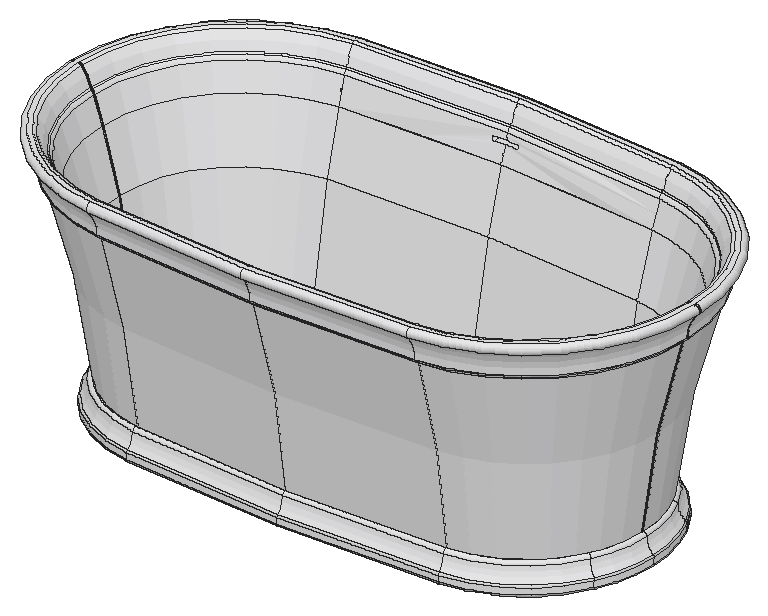
Revit family "Bath-Freestanding-KOHLER-Memoirs-K-8332", category Plumbing Fixtures, host Face, Revit 2017
Family settings
  Host = Face
  Round Connector Dimension = Use Diameter
  Part Type = Normal
  OmniClass Number = 23.31.15.00
  Cut with Voids When Loaded = No
  Shared = No
  Room Calculation Point = No
Parameters (values of type "0-White")
  Width = 34"  # constant formula
  WaterSense Certified = 1 = 0  # no
  Waste Water Outlet = "Waste Water Outlet"  # constant formula
  Waste Connection = 1 = 1  # yes
  Vent Connection = 1 = 0  # no
  URL = "https://www.us.kohler.com/us/"
  Type = 1
  Product Page URL = "http://www.us.kohler.com/us/catalog/productDetails.jsp?productId=8332"
  Product Name = "Memoirs"  # constant formula
  Product Documentation Link = "https://www.us.kohler.com/webassets/kpna/catalog/pdf/en/K-8332_spec_US-CA_Kohler_en.pdf"
  Model = "K-8332-0"  # constant formula
  Material = "Lithocast"  # constant formula
  Master Format 2014 Name = "Residential Bathtubs"  # constant formula
  Master Format 2014 = "22 41 19"  # constant formula
  Manufacturer Address = "444 Highland Dr, Kohler, WI 53044"  # constant formula
  Manufacturer = "KOHLER Co."  # constant formula
  Length = 59 11/16"  # constant formula
  Hot Water Inlet = "Hot Water Inlet"  # constant formula
  Height = 23 3/4"  # constant formula
  HW Connection = 1 = 0  # no
  Finish = Kohler-Lithocast-0-White
  Environmental Product Declaration = ""
  Drain Included = 1 = 0  # no
  Description = "60inch x 34inch freestanding bath with center toe-tap drain"  # constant formula
  Default Elevation = 0"
  Declare Label = ""
  Date Modified = "11/25/2020"  # constant formula
  Date Created = "11/25/2020"  # constant formula
  Copyright = "Copyright KOHLER Co."  # constant formula
  Contact Us = "https://www.us.kohler.com/us/static/contact.jsp"
  Cold Water Inlet = "Cold Water Inlet"  # constant formula
  CW Connection = 1 = 0  # no
  Assembly Code = "D2010500"
  ADA Compliant = 1 = 0  # no
Reference planes (in)
  plane 1 "Center (Front/Back)": y = 0
  plane 2: z = 0
  plane 3 "Center (Left/Right)": x = 0
  plane 4: x = -29.84375
  plane 5: x = -25.5
  plane 6: y = 17
  plane 7: y = 12.65625
  plane 8: x = 29.84375
  plane 9: x = 25.5
  plane 10: y = -17
  plane 11: y = -12.65625
  plane 12: z = 23.75
  plane 13: z = 20.50408
  plane 14: z = 20.6875
Dimensions and locks (in)
  "Length": plane 4 to plane 8
  "Width": plane 10 to plane 6
  "Height": plane 12 to level
  aligned and locked: plane 2 to host face
  aligned and locked: level to host face
  aligned and locked: plane 3 "Center (Left/Right)" to nested 1
  aligned and locked: plane 1 "Center (Front/Back)" to nested 1
Automatic sketch dimensions
  host sketch curve to host sketch curve = 96"  (x2)
Nested families (in)
  nested 1: "K-8332" at (0, 0, 0), type "K-8332"
Connectors (in)
  piping at (0, 0, 0.30517), diameter 1.5, driven by "Waste Connection", driven by "Waste Water Outlet"
    settings: on nested 1, index 1, connector inside diameter 24", connector length 0", flow factor 0, pipe flow 0 GPM, pressure drop 0.00 psi, fitting loss kfactor 0, connector angle 0.00°, fixture units 0, engagement length 0", angle of deflection 0.00°, flow configuration 0, flow direction 2, fitting loss method 0, system type 16, joint type 0, gender type 0, connector reference index -1, connector utility 1, adjustable connector no, is connector primary yes, connector description "Waste Water Outlet"
Definition of nested family "K-8332"
  Parameters (values of type "K-8332")
    Material = none
  Reference planes (in)
    plane 1 "Center (Front/Back)": y = 0
    plane 2: z = 0
    plane 3 "Center (Left/Right)": x = 0
    plane 4: y = 17
    plane 5: y = -17
    plane 6: x = -29.84375
    plane 7: x = 29.84375
    plane 8: x = -25.5
    plane 9: z = 23.75
    plane 10: x = 25.5
    plane 11: z = 20.6875
    plane 12: y = 12.65625
    plane 13: y = -12.65625
  Forms (in)
    Sweep 1, solid, material <- "Material", detail levels medium+fine
      path origin (0, 0, 0) x (1, 0, 0) y (0, 1, 0)
        loop
          arc (-14.75396, 11.98343) -> (-20.34795, 9.96008) -> (-24.23404, 5.4562) r 11.75
          arc (-24.23404, 5.4562) -> (-25.17936, 2.80057) -> (-25.5, 0) r 12.39087
          arc (-25.5, 0) -> (-25.17936, -2.80057) -> (-24.23404, -5.4562) r 12.39087
          arc (-24.23404, -5.4562) -> (-20.34795, -9.96008) -> (-14.75396, -11.98343) r 11.75
          arc (-14.75396, -11.98343) -> (-7.38465, -12.48796) -> (0, -12.65625) r 162.10322
          arc (0, -12.65625) -> (7.38465, -12.48796) -> (14.75396, -11.98343) r 162.10322
          arc (14.75396, -11.98343) -> (20.34795, -9.96008) -> (24.23404, -5.4562) r 11.75
          arc (24.23404, -5.4562) -> (25.17936, -2.80057) -> (25.5, 0) r 12.39087
          arc (25.5, 0) -> (25.17936, 2.80057) -> (24.23404, 5.4562) r 12.39087
          arc (24.23404, 5.4562) -> (20.34795, 9.96008) -> (14.75396, 11.98343) r 11.75
          arc (14.75396, 11.98343) -> (7.38465, 12.48796) -> (0, 12.65625) r 162.10322
          arc (0, 12.65625) -> (-7.38465, 12.48796) -> (-14.75396, 11.98343) r 162.10322
      profile origin (0, 12.65625, 0) x (0, 1, 0) y (0, 0, 1)
        loop
          arc (0, 0.88433) -> (-0.02384, 1.02077) -> (-0.09253, 1.14104) r 0.40237
          arc (-0.09253, 1.14104) -> (-0.47009, 1.75342) -> (-0.66454, 2.44606) r 2.58867
          arc (-0.66454, 2.44606) -> (-0.78076, 2.66218) -> (-1.01049, 2.74842) r 0.3491
          line (-1.01049, 2.74842) -> (-1.19476, 2.74842) -> (-1.19476, 0.12625) -> (-0.19308, 0.12625)
          arc (-0.19308, 0.12625) -> (-0.05655, 0.1828) -> (0, 0.31933) r 0.19308
          line (0, 0.31933) -> (0, 0.88433)
    Extrusion 2, solid, material <- "Material", detail levels medium+fine
      sketch origin (0, 0, 0) x (1, 0, 0) y (0, 1, 0)
        loop
          arc (-14.64522, 10.79363) -> (-19.6704, 8.97601) -> (-23.16134, 4.9301) r 10.55524
          arc (-23.16134, 4.9301) -> (-24.01551, 2.53053) -> (-24.30524, 0) r 11.19611
          arc (-24.30524, 0) -> (-24.01551, -2.53053) -> (-23.16134, -4.9301) r 11.19611
          arc (-23.16134, -4.9301) -> (-19.6704, -8.97601) -> (-14.64522, -10.79363) r 10.55524
          arc (-14.64522, -10.79363) -> (-7.33022, -11.29444) -> (0, -11.46149) r 160.90845
          arc (0, -11.46149) -> (7.33022, -11.29444) -> (14.64522, -10.79363) r 160.90845
          arc (14.64522, -10.79363) -> (19.6704, -8.97601) -> (23.16134, -4.9301) r 10.55524
          arc (23.16134, -4.9301) -> (24.01551, -2.53053) -> (24.30524, 0) r 11.19611
          arc (24.30524, 0) -> (24.01551, 2.53053) -> (23.16134, 4.9301) r 11.19611
          arc (23.16134, 4.9301) -> (19.6704, 8.97601) -> (14.64522, 10.79363) r 10.55524
          arc (14.64522, 10.79363) -> (7.33022, 11.29444) -> (0, 11.46149) r 160.90845
          arc (0, 11.46149) -> (-7.33022, 11.29444) -> (-14.64522, 10.79363) r 160.90845
      from 2.09133 to 2.74842
    Sweep 3, solid, material <- "Material", detail levels medium+fine
      path origin (0, 0, 0) x (1, 0, 0) y (0, 1, 0)
        loop
          arc (-15.14383, 16.27607) -> (-25.61979, 11.02888) -> (-29.84375, 0.10017) r 16.25
          line (-29.84375, 0.10017) -> (-29.84375, 0) -> (-29.84375, -0.10017)
          arc (-29.84375, -0.10017) -> (-25.61979, -11.02888) -> (-15.14383, -16.27607) r 16.25
          arc (-15.14383, -16.27607) -> (-7.58056, -16.81891) -> (0, -17) r 158.75752
          arc (0, -17) -> (7.58056, -16.81891) -> (15.14383, -16.27607) r 158.75752
          arc (15.14383, -16.27607) -> (25.61979, -11.02888) -> (29.84375, -0.10017) r 16.25
          line (29.84375, -0.10017) -> (29.84375, 0) -> (29.84375, 0.10017)
          arc (29.84375, 0.10017) -> (25.61979, 11.02888) -> (15.14383, 16.27607) r 16.25
          arc (15.14383, 16.27607) -> (7.58056, 16.81891) -> (0, 17) r 158.75752
          arc (0, 17) -> (-7.58056, 16.81891) -> (-15.14383, 16.27607) r 158.75752
      profile origin (0, 17, 0) x (0, -1, 0) y (0, 0, 1)
        loop
          arc (0.44683, 23.75) -> (0.03221, 23.46815) -> (0.14175, 22.97892) r 0.44589
          arc (0.14175, 22.97892) -> (0.87859, 21.92608) -> (1.13046, 20.66592) r 3.13115
          arc (1.13046, 20.66592) -> (1.16254, 20.5655) -> (1.24807, 20.50387) r 0.16828
          arc (1.24807, 20.50387) -> (1.46659, 20.37295) -> (1.60258, 20.15757) r 0.54946
          arc (1.60258, 20.15757) -> (3.99398, 11.56236) -> (5.37633, 2.74842) r 77.09253
          line (5.37633, 2.74842) -> (8.50607, 2.74842) -> (8.50607, 3.44451) -> (8.47482, 3.44451)
          arc (8.47482, 3.44451) -> (7.1654, 3.93275) -> (6.49529, 5.15909) r 2
          arc (6.49529, 5.15909) -> (5.7474, 9.50651) -> (4.76454, 13.8069) r 81.20689
          arc (4.76454, 13.8069) -> (4.01824, 16.51253) -> (3.1789, 19.19074) r 81.20689
          arc (3.1789, 19.19074) -> (2.78584, 20.36529) -> (2.38821, 21.5383) r 317.9728
          arc (2.38821, 21.5383) -> (2.27952, 21.75891) -> (2.11814, 21.94448) r 0.9558
          arc (2.11814, 21.94448) -> (2.07317, 21.99726) -> (2.04443, 22.06035) r 0.25
          arc (2.04443, 22.06035) -> (1.70781, 22.87763) -> (1.21207, 23.60941) r 4.32483
          arc (1.21207, 23.60941) -> (1.07698, 23.71312) -> (0.9107, 23.75) r 0.3933
          line (0.9107, 23.75) -> (0.44683, 23.75)
    Extrusion 4, solid, material <- "Material", detail levels medium+fine
      sketch origin (0, 0, 0) x (1, 0, 0) y (0, 1, 0)
        loop
          arc (-14.33244, 7.80879) -> (-19.32476, 5.30824) -> (-21.33768, 0.10017) r 7.74393
          line (-21.33768, 0.10017) -> (-21.33768, -0.10017)
          arc (-21.33768, -0.10017) -> (-19.32476, -5.30824) -> (-14.33244, -7.80879) r 7.74393
          arc (-14.33244, -7.80879) -> (-7.1744, -8.32255) -> (0, -8.49393) r 150.25145
          arc (0, -8.49393) -> (7.1744, -8.32255) -> (14.33244, -7.80879) r 150.25145
          arc (14.33244, -7.80879) -> (19.32476, -5.30824) -> (21.33768, -0.10017) r 7.74393
          line (21.33768, -0.10017) -> (21.33768, 0.10017)
          arc (21.33768, 0.10017) -> (19.32476, 5.30824) -> (14.33244, 7.80879) r 7.74393
          arc (14.33244, 7.80879) -> (7.1744, 8.32255) -> (0, 8.49393) r 150.25145
          arc (0, 8.49393) -> (-7.1744, 8.32255) -> (-14.33244, 7.80879) r 150.25145
      from 2.74842 to 3.44451
    Revolve 5, solid, material <- "Material", detail levels medium+fine
      sketch origin (0, 0, 0) x (0, 1, 0) y (0, 0, 1)
        loop
          line (0.62908, 0.30517) -> (0.93073, 0.30517)
          arc (0.93073, 0.30517) -> (0.99253, 0.33077) -> (1.01812, 0.39257) r 0.0874
          line (1.01812, 0.39257) -> (1.01812, 1.71753)
          arc (1.01812, 1.71753) -> (1.12761, 1.98185) -> (1.39193, 2.09133) r 0.37381
          line (1.39193, 2.09133) -> (0, 2.09133) -> (0, 0.73095) -> (0.5017, 0.73095)
          arc (0.5017, 0.73095) -> (0.59177, 0.69365) -> (0.62908, 0.60358) r 0.12738
          line (0.62908, 0.60358) -> (0.62908, 0.30517)
        axis (0, 2.09133) -> (0, 0.30517)
      angle from 0 to 360
    Revolve 6, void
      sketch origin (0, 0, 0) x (0, 1, 0) y (0, 0, 1)
        loop
          line (0.85625, 1.43737) -> (0.85625, 2.49842)
          arc (0.85625, 2.49842) -> (0.92947, 2.6752) -> (1.10625, 2.74842) r 0.25
          line (1.10625, 2.74842) -> (1.25147, 2.74842)
          arc (1.25147, 2.74842) -> (1.43543, 2.79343) -> (1.57781, 2.9183) r 0.39839
          line (1.57781, 2.9183) -> (1.72233, 3.12469)
          arc (1.72233, 3.12469) -> (1.99038, 3.35977) -> (2.33669, 3.44451) r 0.75
          line (2.33669, 3.44451) -> (0, 3.44451) -> (0, 1.11236) -> (0.53123, 1.11236)
          arc (0.53123, 1.11236) -> (0.76105, 1.20755) -> (0.85625, 1.43737) r 0.32502
        axis (0, 3.44451) -> (0, 1.11236)
      angle from 0 to 360
    Revolve 7, solid, detail levels medium+fine
      sketch origin (0, 0, 0) x (0, 1, 0) y (0, 0, 1)
        loop
          arc (1.61756, 3.50934) -> (0.81406, 3.64807) -> (0, 3.69451) r 7.15759
          line (0, 3.69451) -> (0, 2.09133) -> (0.27194, 2.09133) -> (0.27194, 2.92133) -> (0.39553, 2.92133) -> (0.39553, 3.01023)
          arc (0.39553, 3.01023) -> (0.41372, 3.05413) -> (0.45762, 3.07232) r 0.06208
          line (0.45762, 3.07232) -> (0.96819, 3.07232)
          arc (0.96819, 3.07232) -> (0.99404, 3.08302) -> (1.00474, 3.10887) r 0.03655
          line (1.00474, 3.10887) -> (1.00474, 3.15498)
          arc (1.00474, 3.15498) -> (0.9996, 3.1697) -> (0.98642, 3.17802) r 0.02364
          line (0.98642, 3.17802) -> (0.55382, 3.27789) -> (0.55382, 3.36333) -> (1.60084, 3.36333)
          arc (1.60084, 3.36333) -> (1.67432, 3.42888) -> (1.61756, 3.50934) r 0.07396
        axis (0, 3.69451) -> (0, 2.09133)
      angle from 0 to 360
    Extrusion 8, void
      sketch origin (0, 0, 0) x (1, 0, 0) y (0, 0, 1)
        loop
          arc (-1.075, 21.00316) -> (-1.25, 20.82816) -> (-1.075, 20.65316) r 0.175
          line (-1.075, 20.65316) -> (1.075, 20.65316)
          arc (1.075, 20.65316) -> (1.25, 20.82816) -> (1.075, 21.00316) r 0.175
          line (1.075, 21.00316) -> (-1.075, 21.00316)
      from -15.0782 to -13.66524
    Extrusion 9, solid, material <- "Material", detail levels medium+fine
      sketch origin (0, 0, 0) x (0, 1, 0) y (0, 0, 1)
        loop
          arc (8.22181, 0) -> (8.48144, 0.10096) -> (8.60465, 0.3508) r 0.38429
          line (8.60465, 0.3508) -> (8.75692, 2.09133) -> (4.37308, 2.09133) -> (4.52547, 0.34945)
          arc (4.52547, 0.34945) -> (4.6482, 0.10057) -> (4.90683, 0) r 0.38281
          line (4.90683, 0) -> (8.22181, 0)
      from -10.0808 to -14.1592
    Extrusion 10, solid, material <- "Material", detail levels medium+fine
      sketch origin (0, 0, 0) x (0, 1, 0) y (0, 0, -1)
        loop
          line (8.22181, 0) -> (4.90683, 0)
          arc (4.90683, 0) -> (4.6482, -0.10057) -> (4.52547, -0.34945) r 0.38281
          line (4.52547, -0.34945) -> (4.37308, -2.09133) -> (8.75692, -2.09133) -> (8.60465, -0.3508)
          arc (8.60465, -0.3508) -> (8.48144, -0.10096) -> (8.22181, 0) r 0.38429
      from -10.0808 to -14.1592
    Extrusion 11, solid, material <- "Material", detail levels medium+fine
      sketch origin (0, 0, 0) x (0, -1, 0) y (0, 0, 1)
        loop
          arc (8.22181, 0) -> (8.48144, 0.10096) -> (8.60465, 0.3508) r 0.38429
          line (8.60465, 0.3508) -> (8.75692, 2.09133) -> (4.37308, 2.09133) -> (4.52547, 0.34945)
          arc (4.52547, 0.34945) -> (4.6482, 0.10057) -> (4.90683, 0) r 0.38281
          line (4.90683, 0) -> (8.22181, 0)
      from -10.0808 to -14.1592
    Extrusion 12, solid, material <- "Material", detail levels medium+fine
      sketch origin (0, 0, 0) x (0, -1, 0) y (0, 0, -1)
        loop
          line (8.22181, 0) -> (4.90683, 0)
          arc (4.90683, 0) -> (4.6482, -0.10057) -> (4.52547, -0.34945) r 0.38281
          line (4.52547, -0.34945) -> (4.37308, -2.09133) -> (8.75692, -2.09133) -> (8.60465, -0.3508)
          arc (8.60465, -0.3508) -> (8.48144, -0.10096) -> (8.22181, 0) r 0.38429
      from -10.0808 to -14.1592
    Extrusion 13, solid, material <- "Material", detail levels coarse
      sketch origin (0, 0, 0) x (1, 0, 0) y (0, 1, 0)
        loop
          arc (-14.75436, 11.98787) -> (-20.35047, 9.96375) -> (-24.23804, 5.45816) r 11.75446
          arc (-24.23804, 5.45816) -> (-25.1837, 2.80158) -> (-25.50446, 0) r 12.39533
          arc (-25.50446, 0) -> (-25.1837, -2.80158) -> (-24.23804, -5.45816) r 12.39533
          arc (-24.23804, -5.45816) -> (-20.35047, -9.96375) -> (-14.75436, -11.98787) r 11.75446
          arc (-14.75436, -11.98787) -> (-7.38485, -12.49241) -> (0, -12.66071) r 162.10767
          arc (0, -12.66071) -> (7.38485, -12.49241) -> (14.75436, -11.98787) r 162.10767
          arc (14.75436, -11.98787) -> (20.35047, -9.96375) -> (24.23804, -5.45816) r 11.75446
          arc (24.23804, -5.45816) -> (25.1837, -2.80158) -> (25.50446, 0) r 12.39533
          arc (25.50446, 0) -> (25.1837, 2.80158) -> (24.23804, 5.45816) r 12.39533
          arc (24.23804, 5.45816) -> (20.35047, 9.96375) -> (14.75436, 11.98787) r 11.75446
          arc (14.75436, 11.98787) -> (7.38485, 12.49241) -> (0, 12.66071) r 162.10767
          arc (0, 12.66071) -> (-7.38485, 12.49241) -> (-14.75436, 11.98787) r 162.10767
      from 0 to 2.74842
    Blend 14, solid, material <- "Material", detail levels coarse
      base sketch origin (0, 0, 0) x (1, 0, 0) y (0, 1, 0)
        loop
          line (12.5, 11.46149) -> (-12.5, 11.46149)
          arc (-12.5, 11.46149) -> (-23.96149, 0) -> (-12.5, -11.46149) r 11.46149
          line (-12.5, -11.46149) -> (12.5, -11.46149)
          arc (12.5, -11.46149) -> (23.96149, 0) -> (12.5, 11.46149) r 11.46149
      top sketch origin (0, 0, 0) x (1, 0, 0) y (0, 1, 0)
        loop
          line (12.84375, 17) -> (-12.84375, 17)
          arc (-12.84375, 17) -> (-29.84375, 0) -> (-12.84375, -17) r 17
          line (-12.84375, -17) -> (12.84375, -17)
          arc (12.84375, -17) -> (29.84375, 0) -> (12.84375, 17) r 17
      from 2.09133 to 23.75
    Blend 15, void
      base sketch origin (0, 0, 0) x (1, 0, 0) y (0, 1, 0)
        loop
          line (13.04297, 15.80078) -> (-13.04297, 15.80078)
          arc (-13.04297, 15.80078) -> (-28.84375, 0) -> (-13.04297, -15.80078) r 15.80078
          line (-13.04297, -15.80078) -> (13.04297, -15.80078)
          arc (13.04297, -15.80078) -> (28.84375, 0) -> (13.04297, 15.80078) r 15.80078
      top sketch origin (0, 0, 0) x (1, 0, 0) y (0, 1, 0)
        loop
          line (13.5, 10.5) -> (-13.5, 10.5)
          arc (-13.5, 10.5) -> (-24, 0) -> (-13.5, -10.5) r 10.5
          line (-13.5, -10.5) -> (13.5, -10.5)
          arc (13.5, -10.5) -> (24, 0) -> (13.5, 10.5) r 10.5
      from 25.59241 to 3.36333
  Cuts and joins
    Revolve 6 cuts Extrusion 2
    Revolve 6, Extrusion 8 cuts Sweep 3
    Revolve 6 cuts Extrusion 4
    joined: Sweep 1, Extrusion 2, Sweep 3, Extrusion 4
    Revolve 6 cuts Revolve 5
    Blend 15 cuts Blend 14
  Lines and regions (in)
    Masking region 1
      outline origin (0, 0, 0) x (0, 1, 0) y (0, 0, 1)
        loop
          line (4.90683, 0) -> (8.22181, 0)
          arc (8.22181, 0) -> (8.37757, 0.03298) -> (8.50659, 0.12625) r 0.38429
          line (8.50659, 0.12625) -> (12.46052, 0.12625)
          arc (12.46052, 0.12625) -> (12.59892, 0.18358) -> (12.65625, 0.32198) r 0.19573
          line (12.65625, 0.32198) -> (12.65625, 0.87961)
          arc (12.65625, 0.87961) -> (12.63001, 1.0332) -> (12.55427, 1.16936) r 0.46259
          arc (12.55427, 1.16936) -> (12.18588, 1.77782) -> (11.98965, 2.4615) r 2.69292
          arc (11.98965, 2.4615) -> (11.86386, 2.67793) -> (11.62367, 2.74842) r 0.33792
          arc (11.62367, 2.74842) -> (13.06519, 11.48382) -> (15.35936, 20.03496) r 89.856
          arc (15.35936, 20.03496) -> (15.41907, 20.1867) -> (15.4975, 20.32966) r 1.28561
          arc (15.4975, 20.32966) -> (15.60844, 20.44383) -> (15.75578, 20.50408) r 0.38952
          arc (15.75578, 20.50408) -> (15.83873, 20.553) -> (15.87056, 20.64388) r 0.14022
          arc (15.87056, 20.64388) -> (16.11979, 21.91466) -> (16.85966, 22.97749) r 3.14704
          arc (16.85966, 22.97749) -> (16.9687, 23.46782) -> (16.55315, 23.75) r 0.44706
          line (16.55315, 23.75) -> (-16.55315, 23.75)
          arc (-16.55315, 23.75) -> (-16.9687, 23.46782) -> (-16.85966, 22.97749) r 0.44706
          arc (-16.85966, 22.97749) -> (-16.11979, 21.91466) -> (-15.87056, 20.64388) r 3.14704
          arc (-15.87056, 20.64388) -> (-15.83873, 20.553) -> (-15.75578, 20.50408) r 0.14022
          arc (-15.75578, 20.50408) -> (-15.60844, 20.44383) -> (-15.4975, 20.32966) r 0.38952
          arc (-15.4975, 20.32966) -> (-15.41907, 20.1867) -> (-15.35936, 20.03496) r 1.28561
          arc (-15.35936, 20.03496) -> (-13.06519, 11.48382) -> (-11.62367, 2.74842) r 89.856
          arc (-11.62367, 2.74842) -> (-11.86386, 2.67793) -> (-11.98965, 2.4615) r 0.33792
          arc (-11.98965, 2.4615) -> (-12.18588, 1.77782) -> (-12.55427, 1.16936) r 2.69292
          arc (-12.55427, 1.16936) -> (-12.63001, 1.0332) -> (-12.65625, 0.87961) r 0.46259
          line (-12.65625, 0.87961) -> (-12.65625, 0.32198)
          arc (-12.65625, 0.32198) -> (-12.59892, 0.18358) -> (-12.46052, 0.12625) r 0.19573
          line (-12.46052, 0.12625) -> (-8.50659, 0.12625)
          arc (-8.50659, 0.12625) -> (-8.37757, 0.03298) -> (-8.22181, 0) r 0.38429
          line (-8.22181, 0) -> (-4.90683, 0)
          arc (-4.90683, 0) -> (-4.75138, 0.03298) -> (-4.62271, 0.12625) r 0.38281
          line (-4.62271, 0.12625) -> (4.62271, 0.12625)
          arc (4.62271, 0.12625) -> (4.75138, 0.03298) -> (4.90683, 0) r 0.38281
    Masking region 2
      outline origin (0, 0, 0) x (1, 0, 0) y (0, 0, 1)
        loop
          arc (-10.55945, 0) -> (-10.40399, 0.03298) -> (-10.27533, 0.12625) r 0.38281
          line (-10.27533, 0.12625) -> (10.27533, 0.12625)
          arc (10.27533, 0.12625) -> (10.40399, 0.03298) -> (10.55945, 0) r 0.38281
          line (10.55945, 0) -> (13.87443, 0)
          arc (13.87443, 0) -> (14.03018, 0.03298) -> (14.1592, 0.12625) r 0.38429
          line (14.1592, 0.12625) -> (25.30427, 0.12625)
          arc (25.30427, 0.12625) -> (25.44267, 0.18358) -> (25.5, 0.32198) r 0.19573
          line (25.5, 0.32198) -> (25.5, 0.87961)
          arc (25.5, 0.87961) -> (25.47376, 1.0332) -> (25.39802, 1.16936) r 0.46259
          arc (25.39802, 1.16936) -> (25.02963, 1.77782) -> (24.8334, 2.4615) r 2.69292
          arc (24.8334, 2.4615) -> (24.70761, 2.67793) -> (24.46742, 2.74842) r 0.33792
          arc (24.46742, 2.74842) -> (25.90894, 11.48382) -> (28.20311, 20.03496) r 89.856
          arc (28.20311, 20.03496) -> (28.26282, 20.1867) -> (28.34125, 20.32966) r 1.28561
          arc (28.34125, 20.32966) -> (28.45219, 20.44383) -> (28.59953, 20.50408) r 0.38952
          arc (28.59953, 20.50408) -> (28.68248, 20.553) -> (28.71431, 20.64388) r 0.14022
          arc (28.71431, 20.64388) -> (28.96354, 21.91466) -> (29.70341, 22.97749) r 3.14704
          arc (29.70341, 22.97749) -> (29.81245, 23.46782) -> (29.3969, 23.75) r 0.44706
          line (29.3969, 23.75) -> (-29.3969, 23.75)
          arc (-29.3969, 23.75) -> (-29.81245, 23.46782) -> (-29.70341, 22.97749) r 0.44706
          arc (-29.70341, 22.97749) -> (-28.96354, 21.91466) -> (-28.71431, 20.64388) r 3.14704
          arc (-28.71431, 20.64388) -> (-28.68248, 20.553) -> (-28.59953, 20.50408) r 0.14022
          arc (-28.59953, 20.50408) -> (-28.45219, 20.44383) -> (-28.34125, 20.32966) r 0.38952
          arc (-28.34125, 20.32966) -> (-28.26282, 20.1867) -> (-28.20311, 20.03496) r 1.28561
          arc (-28.20311, 20.03496) -> (-25.90894, 11.48382) -> (-24.46742, 2.74842) r 89.856
          arc (-24.46742, 2.74842) -> (-24.70761, 2.67793) -> (-24.8334, 2.4615) r 0.33792
          arc (-24.8334, 2.4615) -> (-25.02963, 1.77782) -> (-25.39802, 1.16936) r 2.69292
          arc (-25.39802, 1.16936) -> (-25.47376, 1.0332) -> (-25.5, 0.87961) r 0.46259
          line (-25.5, 0.87961) -> (-25.5, 0.32198)
          arc (-25.5, 0.32198) -> (-25.44267, 0.18358) -> (-25.30427, 0.12625) r 0.19573
          line (-25.30427, 0.12625) -> (-14.1592, 0.12625)
          arc (-14.1592, 0.12625) -> (-14.03018, 0.03298) -> (-13.87443, 0) r 0.38429
          line (-13.87443, 0) -> (-10.55945, 0)
    Masking region 3
      outline origin (0, 0, 0) x (1, 0, 0) y (0, 1, 0)
        loop
          line (-29.84375, 0) -> (-29.84375, -1)
          arc (-29.84375, -1) -> (-25.31693, -11.38115) -> (-15.11297, -16.29437) r 16.27229
          arc (-15.11297, -16.29437) -> (-7.56472, -16.8235) -> (0, -17) r 162.19629
          arc (0, -17) -> (7.56472, -16.8235) -> (15.11297, -16.29437) r 162.19629
          arc (15.11297, -16.29437) -> (25.31693, -11.38115) -> (29.84375, -1) r 16.27229
          line (29.84375, -1) -> (29.84375, 0) -> (29.84375, 1)
          arc (29.84375, 1) -> (25.31693, 11.38115) -> (15.11297, 16.29437) r 16.27229
          arc (15.11297, 16.29437) -> (7.56472, 16.8235) -> (0, 17) r 162.19629
          arc (0, 17) -> (-7.56472, 16.8235) -> (-15.11297, 16.29437) r 162.19629
          arc (-15.11297, 16.29437) -> (-25.31693, 11.38115) -> (-29.84375, 1) r 16.27229
          line (-29.84375, 1) -> (-29.84375, 0)
    symbolic lines, detail levels medium+fine
      curve 1: line (0, 8.50659, 0.12625) -> (0, 4.62271, 0.12625)
      curve 2: line (0, -4.62271, 0.12625) -> (0, -8.50659, 0.12625)
      curve 3: line (0, 11.62367, 2.74842) -> (0, -11.62367, 2.74842)
      curve 4: line (0, 15.75578, 20.50408) -> (0, -15.75578, 20.50408)
      curve 5: line (-28.59953, 0, 20.50408) -> (28.59953, 0, 20.50408)
      curve 6: line (-14.1592, 0, 0.12625) -> (-10.27533, 0, 0.12625)
      curve 7: line (10.27533, 0, 0.12625) -> (14.1592, 0, 0.12625)
      curve 8: line (-24.46742, 0, 2.74842) -> (24.46742, 0, 2.74842)
      curve 21: arc (-14.27438, 7.33353, 0) -> (-18.76436, 5.20973, 0) -> (-20.84375, 0.69901, 0) r 7.27229
      curve 22: line (-20.84375, 0.69901, 0) -> (-20.84375, 0, 0)
      curve 23: line (-20.84375, 0, 0) -> (-20.84375, -0.69901, 0)
      curve 24: arc (-20.84375, -0.69901, 0) -> (-18.76436, -5.20973, 0) -> (-14.27438, -7.33353, 0) r 7.27229
      curve 25: arc (-14.27438, -7.33353, 0) -> (-7.14496, -7.83329, 0) -> (0, -8, 0) r 153.19629
      curve 26: arc (0, -8, 0) -> (7.14496, -7.83329, 0) -> (14.27438, -7.33353, 0) r 153.19629
      curve 27: arc (14.27438, -7.33353, 0) -> (18.76436, -5.20973, 0) -> (20.84375, -0.69901, 0) r 7.27229
      curve 28: line (20.84375, -0.69901, 0) -> (20.84375, 0, 0)
      curve 29: line (20.84375, 0, 0) -> (20.84375, 0.69901, 0)
      curve 30: arc (20.84375, 0.69901, 0) -> (18.76436, 5.20973, 0) -> (14.27438, 7.33353, 0) r 7.27229
      curve 31: arc (14.27438, 7.33353, 0) -> (7.14496, 7.83329, 0) -> (0, 8, 0) r 153.19629
      curve 32: arc (0, 8, 0) -> (-7.14496, 7.83329, 0) -> (-14.27438, 7.33353, 0) r 153.19629
      curve 34: arc (-1.08468, 14.42598, 0) -> (-0.54234, 14.42881, 0) -> (0, 14.42975, 0) r 156.18727
      curve 35: arc (0, 14.31127, 0) -> (-0.54485, 14.31032, 0) -> (-1.0897, 14.30746, 0) r 156.06879
      curve 36: spline (-1.0897, 14.30746, 0) -> (-1.13317, 14.31059, 0) -> (-1.17267, 14.317, 0) -> (-1.2059, 14.32631, 0) -> (-1.23093, 14.33799, 0) -> (-1.2463, 14.35135, 0) -> (-1.25112, 14.36561, 0) -> (-1.24509, 14.37995, 0) -> (-1.22858, 14.39352, 0) -> (-1.20255, 14.40555, 0) -> (-1.1685, 14.41532, 0) -> (-1.12844, 14.42226, 0) -> (-1.08468, 14.42598, 0)
      curve 37: arc (0, 14.42975, 0) -> (0.5375, 14.42883, 0) -> (1.075, 14.42605, 0) r 156.18727
      curve 38: arc (1.075, 14.30757, 0) -> (0.5375, 14.31034, 0) -> (0, 14.31127, 0) r 156.06879
      curve 39: spline (1.07505, 14.42634, 0) -> (1.12121, 14.42356, 0) -> (1.16381, 14.41717, 0) -> (1.20012, 14.40757, 0) -> (1.22785, 14.39538, 0) -> (1.24523, 14.38137, 0) -> (1.25114, 14.36644, 0) -> (1.24523, 14.35152, 0) -> (1.22786, 14.33758, 0) -> (1.20013, 14.32549, 0) -> (1.16382, 14.31603, 0) -> (1.12123, 14.3098, 0) -> (1.07506, 14.30719, 0)
    symbolic lines
      curve 9: arc (-14.92662, 14.30308, 0) -> (-23.85769, 10.01315, 0) -> (-27.84375, 0.94238, 0) r 14.27229
      curve 10: line (-27.84375, 0.94238, 0) -> (-27.84375, 0, 0)
      curve 11: line (-27.84375, 0, 0) -> (-27.84375, -0.94238, 0)
      curve 12: arc (-27.84375, -0.94238, 0) -> (-23.85769, -10.01315, 0) -> (-14.92662, -14.30308, 0) r 14.27229
      curve 13: arc (-14.92662, -14.30308, 0) -> (-7.47144, -14.82567, 0) -> (0, -15, 0) r 160.19629
      curve 14: arc (0, -15, 0) -> (7.47144, -14.82567, 0) -> (14.92662, -14.30308, 0) r 160.19629
      curve 15: arc (14.92662, -14.30308, 0) -> (23.85769, -10.01315, 0) -> (27.84375, -0.94238, 0) r 14.27229
      curve 16: line (27.84375, -0.94238, 0) -> (27.84375, 0, 0)
      curve 17: line (27.84375, 0, 0) -> (27.84375, 0.94238, 0)
      curve 18: arc (27.84375, 0.94238, 0) -> (23.85769, 10.01315, 0) -> (14.92662, 14.30308, 0) r 14.27229
      curve 19: arc (14.92662, 14.30308, 0) -> (7.47144, 14.82567, 0) -> (0, 15, 0) r 160.19629
      curve 20: arc (0, 15, 0) -> (-7.47144, 14.82567, 0) -> (-14.92662, 14.30308, 0) r 160.19629
      curve 33: circle (0, 0, 0) r 1.5 normal (0, 0, 1)
  Dimensions and locks (in)
    locked: plane 4 to plane 5 at 34
    plane 6 to plane 3 "Center (Left/Right)" = 29 27/32"
    locked: plane 6 to plane 7 at 59.6875
    plane 10 to plane 8 = 51"
    plane 9 to level = 23 3/4"
    plane 9 to plane 11 = 3 1/16"
    locked: plane 12 to plane 13 at 25.3125
    aligned and locked: plane 2 to level
